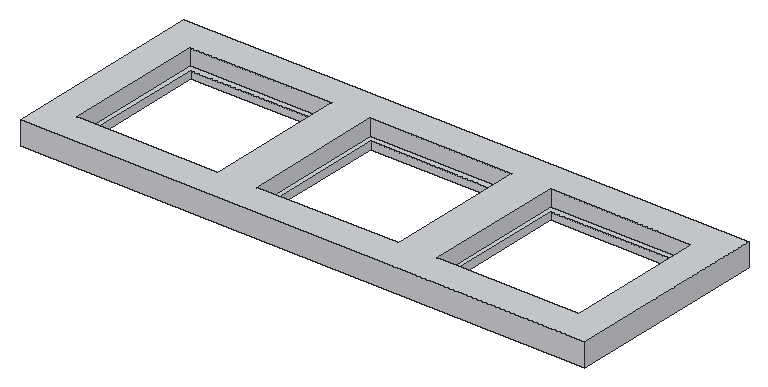
Revit family "Gira_021333", category Electrical Fixtures, host Face, Revit 2017
Family settings
  Host = Face
  Maintain Annotation Orientation = No
  Round Connector Dimension = Use Diameter
  Part Type = Normal
  Cut with Voids When Loaded = No
  Shared = No
  Room Calculation Point = No
Parameters (values of type "Cov.fr. 3-g Gira E2 stainl.steel")
  With mounting grid = "No"
  With hinged lid = "No"
  URL = "http://katalog.gira.de/en/datenblatt.html?artikelnr=021333"
  Type of fastening = "Clamp mounting"
  Transparent = "No"
  Surface protection = "Other"
  Suitable for wall duct = "No"
  Suitable for flush-mounted installation = "Yes"
  Suitable for floor box = "No"
  Suitable for built-in installation = "No"
  Number of units vertical = "3"
  Number of units horizontal = "3"
  Number of units = "3"
  Name = "Cov.fr. 3-g Gira E2 stainl.steel"
  Mounting direction = "Horizontal and vertical"
  Material quality = "Stainless steel"
  Material = "Metal"
  Manufacturer URL = "https://www.gira.de/"
  Manufacturer = "Gira"
  Label space/information surface = "No"
  Keynote = ""
  HeinzeBIM = "https://bimportal.heinze.de/bim/cov-fr-3-g-gira-e2-stainl-steel/b70ced4fe44b4a58f62f7a83796e0ebfc3fcb553"
  Halogen free = "No"
  HAN = "021333"
  GTIN = "4010337019817"
  Description = "Cov.fr.3g E2 SST,Gira E2 cover frame,Stainless steel,3-gang,Notes :,- Also suitable for duct installation.,- In connection with the seal kit, frame (1-gang to 5-gang) is also suitable for installation as water-protected flush-mounted IP44."
  Degree of protection (IP) = "IP20"
  Default Elevation = 1219.2 mm
  Data sheet (1) = "https://katalog.gira.de/en/download.html?artikelnr=021333"
  Colour = "Stainless steel"
  Category = "Cover frame for domestic switching devices"
  BIM (1) = "https://media.stage.bim.site/public/gira/36a6b08/E2_Rahmen_3fach.rfa"
  Available = "No"
Reference planes
  plane 1 "Center (Front/Back)": y = 0
  plane 2: z = 0
  plane 3 "Center (Left/Right)": x = 0
Forms (mm)
  Extrusion 1, solid, detail levels fine
    sketch origin (0, 0, 0) x (1, 0, 0) y (0, 1, 0)
      loop
        line (111.7, 40.4) -> (-111.7, 40.4) -> (-111.7, -40.4) -> (111.7, -40.4) -> (111.7, 40.4)
      loop
        line (43.248, 28.052) -> (43.248, -28.052) -> (99.352, -28.052) -> (99.352, 28.052) -> (43.248, 28.052)
      loop
        line (-28.052, 28.052) -> (-28.052, -28.052) -> (28.052, -28.052) -> (28.052, 28.052) -> (-28.052, 28.052)
      loop
        line (-99.352, 28.052) -> (-99.352, -28.052) -> (-43.248, -28.052) -> (-43.248, 28.052) -> (-99.352, 28.052)
    from 0 to 9.3
  Extrusion 2, solid, detail levels fine
    sketch origin (-71.2, 0, 0) x (1, 0, 0) y (0, 1, 0)
      loop
        line (-28.152, -28.152) -> (28.152, -28.152) -> (28.152, 28.152) -> (-28.152, 28.152) -> (-28.152, -28.152)
      loop
        line (25.9, -25.7) -> (25.9, 25.7) -> (-25.9, 25.7) -> (-25.9, -25.7) -> (25.9, -25.7)
    from 0 to 3
  Extrusion 3, solid, detail levels coarse+medium
    sketch origin (0, 0, 0) x (1, 0, 0) y (0, 1, 0)
      loop
        line (111.7, 40.4) -> (-111.7, 40.4) -> (-111.7, -40.4) -> (111.7, -40.4) -> (111.7, 40.4)
    from 0 to 9.3
  Extrusion 4, solid, detail levels fine
    sketch origin (0.1, -0.047, 0) x (1, 0, 0) y (0, 1, 0)
      loop
        line (-28.152, -28.106) -> (28.152, -28.106) -> (28.152, 28.199) -> (-28.152, 28.199) -> (-28.152, -28.106)
      loop
        line (25.9, -25.653) -> (25.9, 25.747) -> (-25.9, 25.747) -> (-25.9, -25.653) -> (25.9, -25.653)
    from 0 to 3
  Extrusion 5, solid, detail levels fine
    sketch origin (71.2, -0.047, 0) x (1, 0, 0) y (0, 1, 0)
      loop
        line (-27.952, -28.006) -> (28.152, -28.006) -> (28.152, 28.099) -> (-27.952, 28.099) -> (-27.952, -28.006)
      loop
        line (26, -25.653) -> (26, 25.747) -> (-25.9, 25.747) -> (-25.9, -25.653) -> (26, -25.653)
    from 0 to 3
Dimensions and locks
  aligned and locked: plane 2 to host face
  aligned and locked: level to host face
